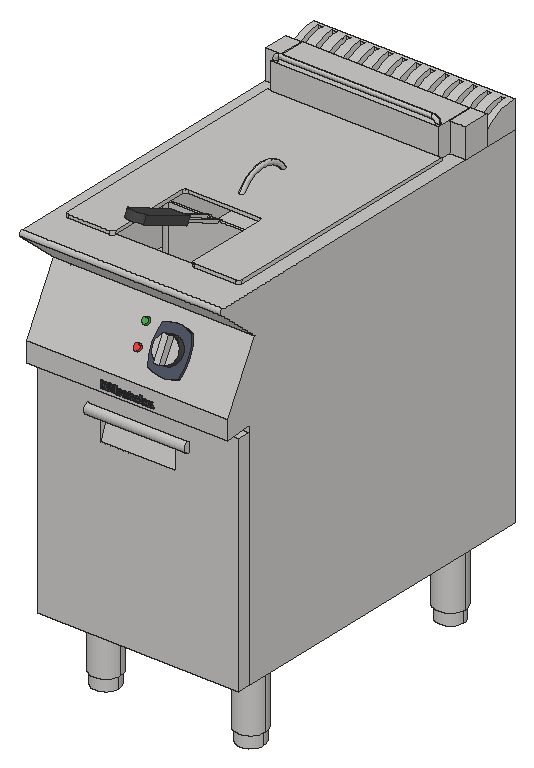
Revit family "QF_ELECTROLUXPROFESSIONAL_371084_E7FRED1FF0", category Specialty Equipment, Revit 2018
Family settings
  Round Connector Dimension = Use Diameter
  Part Type = Normal
  Work Plane-Based = No
  Always vertical = Yes
  Cut with Voids When Loaded = No
  Shared = No
  Room Calculation Point = No
Parameters
  Width = 400 mm  # constant formula
  Weight in Pounds = 77  # constant formula
  Watts = 8700 VA  # 8700 W
  Volts = 400 V  # constant formula
  URL Cutsheet = "www.electrolux.com/foodservice"
  URL = "www.electrolux.com/foodservice"
  Type Mark [instance] = ""
  Status [instance] = ""
  Specification by User [instance] = ""
  Specification by Manufacturer = ""
  Show Logo [instance] = yes
  Show Clearance [instance] = yes
  Serial Number = ""
  Seismic Rating = ""
  SMACNA No = ""
  Revision Code [instance] = ""
  Phase = 3  # constant formula
  Omniclass Number and Title = ""
  Number of Poles [instance] = 1
  NAFEM Spec ID Number = ""
  Model = "371084"
  Min Ckt Ampacity = 0 A
  Max Overcurrent Protection = 0 A
  Masterspec = ""
  Manufacturer = "ELECTROLUX"
  Item Number [instance] = ""
  Installed By [instance] = ""
  Identify Quantity as Lot [instance] = yes
  Height = 333 mm  # constant formula
  HP = "11.7 HP"
  Furnished By [instance] = ""
  Foodservice Equipment Identifier [instance] = yes
  FL Amps = if(Phase = 3, Watts / (Volts * 1.73), Watts / Volts)  # 12.5723 A
  Electrical Remarks [instance] = "400 V/3N ph/50/60 Hz"  # constant formula
  Electric Connection Type [instance] = ""
  Elec Conn RI Height [instance] = 0 mm
  Elec Conn Connection Height [instance] = 0 mm
  Direct Waste Size = 0"
  Description = "700XP One 14 Lt. Wells Freestanding Electric Fryer - 400V"
  Depth = 730 mm  # constant formula
  Cycle = if([60 Hertz Option], 60 Hz, 50 Hz)  # 60 Hz
  Conn Plug = ""
  Conn Conduit = yes
  CSI MasterFormat = ""
  CSI Master Format = ""
  Base Height [instance] = 150 mm  # constant formula
  Apparent Power = if(Phase = 3, Volts * FL Amps * 1.73, Volts * FL Amps)  # 8700 VA
  60 Hertz Option = not([50 Hertz Option])  # yes
  50 Hertz Option = no
Reference planes
  plane 1 "BACK": y = 0
  plane 2: z = 0
  plane 3 "LEFT": x = 0
  plane 4 "RIGHT": x = 400
  plane 5 "FRONT": y = -730
  plane 6 "TOP": z = 905.238
  plane 7 "Center Y": x = 200
  plane 8 "Center X": y = -365
  plane 9 "BASE": z = 601
  plane 10 "TOP A": z = 850.238
  plane 11: y = -587.387
  plane 12: y = -90
  plane 13: z = 150
  plane 14: z = 922.238
Forms (mm)
  Extrusion 1, solid, material "QF_Finishes_Stainless Steel"
    sketch origin (0, 0, 0) x (0, 1, 0) y (0, 0, 1)
      loop
        line (0, 850.237) -> (-725.027, 850.237)
        arc (-725.027, 850.237) -> (-730.893, 846.318) -> (-729.517, 839.397) r 6.35
        line (-729.517, 839.397) -> (-646.919, 767.047) -> (-713.522, 646.19) -> (-713.522, 608.09) -> (-660.15, 613.7) -> (-660.15, 150) -> (0, 150) -> (0, 850.237)
      loop
        line (-687.137, 601) -> (-687.137, 150) -> (-661.737, 150) -> (-661.737, 601) -> (-687.137, 601)
    from 0 to 400
  Extrusion 2, solid, material "QF_Finishes_Stainless Steel"
    sketch origin (0, 0, 0) x (0, 1, 0) y (0, 0, 1)
      loop
        line (0, 850.238) -> (0, 905.237)
        arc (0, 905.237) -> (-38.078, 897.879) -> (-69.85, 875.637) r 93.057
        line (-69.85, 875.637) -> (-69.85, 850.238) -> (0, 850.238)
    from 0 to 400
  Extrusion 3, void
    sketch origin (0, 0, 850.238) x (-1, 0, 0) y (0, -1, 0)
      loop
        line (-33.338, 90.124) -> (-33.338, 645.265) -> (-366.662, 645.265) -> (-366.662, 90.124) -> (-33.338, 90.124)
    from 0 to -152.4
  Extrusion 4, solid, material "QF_Finishes_Stainless Steel"
    sketch origin (0, 0, 850.238) x (-1, 0, 0) y (0, -1, 0)
      loop
        arc (-26.988, 645.265) -> (-28.847, 649.755) -> (-33.338, 651.615) r 6.35
        line (-33.338, 651.615) -> (-115.863, 651.615)
        arc (-115.863, 651.615) -> (-120.353, 649.755) -> (-122.213, 645.265) r 6.35
        line (-122.213, 645.265) -> (-122.213, 481.012)
        arc (-122.213, 481.012) -> (-124.072, 476.521) -> (-128.563, 474.662) r 6.35
        line (-128.563, 474.662) -> (-271.437, 474.662)
        arc (-271.437, 474.662) -> (-275.928, 476.521) -> (-277.787, 481.012) r 6.35
        line (-277.787, 481.012) -> (-277.787, 645.29)
        arc (-277.787, 645.29) -> (-279.64, 649.762) -> (-284.112, 651.615) r 6.325
        line (-284.112, 651.615) -> (-366.662, 651.615)
        arc (-366.662, 651.615) -> (-371.153, 649.755) -> (-373.013, 645.265) r 6.35
        line (-373.013, 645.265) -> (-373.013, 147.762) -> (-26.988, 147.762) -> (-26.988, 645.265)
    from 0 to 6.35
  Sweep 5, solid, material "QF_Finishes_Stainless Steel"
    path origin (200, 0, 0) x (0, 1, 0) y (0, 0, 1)
      loop
        arc (-323.261, 850.238) -> (-377.7, 884.016) -> (-432.139, 850.238) r 60.757
    profile origin (200, -377.7, 884.016) x (0, 0, -1) y (1, 0, 0)
      loop
        circle (0, 0) r 4.353
  Sweep 6, solid, material "QF_Finishes_Stainless Steel"
    path origin (0, 0, 0) x (1, 0, 0) y (0, 0, 1)
      loop
        line (39.688, 908.975) -> (39.688, 911.588)
        arc (39.688, 911.588) -> (41.547, 916.078) -> (46.038, 917.938) r 6.35
        line (46.038, 917.938) -> (352.225, 917.938)
        arc (352.225, 917.938) -> (356.715, 916.078) -> (358.575, 911.588) r 6.35
        line (358.575, 911.588) -> (358.575, 908.975)
    profile origin (39.688, 0, 910.281) x (-1, 0, 0) y (0, -1, 0)
      loop
        circle (2.09, 142.004) r 3.827
  Extrusion 7, void
    sketch origin (0, 0, 850.238) x (-1, 0, 0) y (0, -1, 0)
      loop
        line (-13.453, 6.761) -> (-13.453, 63.911) -> (-22.749, 63.911) -> (-22.749, 6.761) -> (-13.453, 6.761)
    from 25.4 to 63.5
  Extrusion 8, void
    sketch origin (400.05, 0, 850.237) x (1, 0, 0) y (0, 1, 0)
      loop
        line (-13.503, -6.761) -> (-22.799, -6.761) -> (-22.799, -63.911) -> (-13.503, -63.911) -> (-13.503, -6.761)
    from 25.4 to 63.5
  Extrusion 9, void
    sketch origin (27.988, 0, 850.238) x (-1, 0, 0) y (0, -1, 0)
      loop
        line (-13.453, 6.761) -> (-13.453, 63.911) -> (-22.749, 63.911) -> (-22.749, 6.761) -> (-13.453, 6.761)
    from 25.4 to 63.5
  Extrusion 10, void
    sketch origin (55.977, 0, 850.238) x (-1, 0, 0) y (0, -1, 0)
      loop
        line (-13.453, 6.761) -> (-13.453, 63.911) -> (-22.749, 63.911) -> (-22.749, 6.761) -> (-13.453, 6.761)
    from 25.4 to 63.5
  Extrusion 11, void
    sketch origin (83.965, 0, 850.238) x (-1, 0, 0) y (0, -1, 0)
      loop
        line (-13.428, 6.761) -> (-13.428, 63.911) -> (-22.724, 63.911) -> (-22.724, 6.761) -> (-13.428, 6.761)
    from 25.4 to 63.5
  Extrusion 12, void
    sketch origin (111.953, 0, 850.237) x (-1, 0, 0) y (0, -1, 0)
      loop
        line (-13.428, 6.761) -> (-13.428, 63.911) -> (-22.724, 63.911) -> (-22.724, 6.761) -> (-13.428, 6.761)
    from 25.4 to 63.5
  Extrusion 13, void
    sketch origin (139.942, 0, 850.237) x (-1, 0, 0) y (0, -1, 0)
      loop
        line (-13.428, 6.761) -> (-13.428, 63.911) -> (-22.724, 63.911) -> (-22.724, 6.761) -> (-13.428, 6.761)
    from 25.4 to 63.5
  Extrusion 14, void
    sketch origin (167.93, 0, 850.237) x (-1, 0, 0) y (0, -1, 0)
      loop
        line (-13.428, 6.761) -> (-13.428, 63.911) -> (-22.724, 63.911) -> (-22.724, 6.761) -> (-13.428, 6.761)
    from 25.4 to 63.5
  Extrusion 15, void
    sketch origin (195.918, 0, 850.237) x (-1, 0, 0) y (0, -1, 0)
      loop
        line (-13.428, 6.761) -> (-13.428, 63.911) -> (-22.724, 63.911) -> (-22.724, 6.761) -> (-13.428, 6.761)
    from 25.4 to 63.5
  Extrusion 16, void
    sketch origin (223.907, 0, 850.237) x (-1, 0, 0) y (0, -1, 0)
      loop
        line (-13.428, 6.761) -> (-13.428, 63.911) -> (-22.724, 63.911) -> (-22.724, 6.761) -> (-13.428, 6.761)
    from 25.4 to 63.5
  Extrusion 17, void
    sketch origin (251.895, 0, 850.237) x (-1, 0, 0) y (0, -1, 0)
      loop
        line (-13.428, 6.761) -> (-13.428, 63.911) -> (-22.724, 63.911) -> (-22.724, 6.761) -> (-13.428, 6.761)
    from 25.4 to 63.5
  Extrusion 18, void
    sketch origin (279.884, 0, 850.237) x (-1, 0, 0) y (0, -1, 0)
      loop
        line (-13.403, 6.761) -> (-13.403, 63.911) -> (-22.699, 63.911) -> (-22.699, 6.761) -> (-13.403, 6.761)
    from 25.4 to 63.5
  Extrusion 19, void
    sketch origin (307.872, 0, 850.237) x (-1, 0, 0) y (0, -1, 0)
      loop
        line (-13.403, 6.761) -> (-13.403, 63.911) -> (-22.699, 63.911) -> (-22.699, 6.761) -> (-13.403, 6.761)
    from 25.4 to 63.5
  Extrusion 20, void
    sketch origin (335.86, 0, 850.237) x (-1, 0, 0) y (0, -1, 0)
      loop
        line (-13.403, 6.761) -> (-13.403, 63.911) -> (-22.699, 63.911) -> (-22.699, 6.761) -> (-13.403, 6.761)
    from 25.4 to 63.5
  Extrusion 21, solid, material "QF_Finishes_Navy Blue"
    sketch origin (99.675, -713.522, 646.19) x (0, 0.482654, 0.875811) y (-1, 0, 0)
      loop
        arc (105.826, -132.614) -> (68.798, -123.683) -> (31.333, -130.552) r 91.794
        arc (31.333, -130.552) -> (24.218, -161.14) -> (31.333, -191.729) r 69.309
        arc (31.333, -191.729) -> (68.788, -198.45) -> (105.826, -189.715) r 93.659
        arc (105.826, -189.715) -> (112.066, -161.165) -> (105.826, -132.614) r 68.434
    from 0 to 3.175
  Extrusion 22, solid, material "QF_Finishes_Stainless Steel"
    sketch origin (99.675, -716.303, 647.723) x (0, 0.482654, 0.875811) y (-1, 0, 0)
      loop
        circle (68.826, -160.963) r 25.4
    from 0 to 12.7
  Extrusion 23, solid, material "QF_Finishes_Stainless Steel"
    sketch origin (99.675, -727.425, 653.853) x (0, 0.482654, 0.875811) y (-1, 0, 0)
      loop
        arc (93.558, -166.749) -> (94.226, -160.963) -> (93.558, -155.177) r 25.4
        line (93.558, -155.177) -> (44.094, -155.177)
        arc (44.094, -155.177) -> (43.426, -160.963) -> (44.094, -166.749) r 25.4
        line (44.094, -166.749) -> (93.558, -166.749)
    from 0 to 12.7
  Extrusion 24, solid, material "QF_Finishes_Green"
    sketch origin (39.327, -713.522, 646.19) x (0, 0.482654, 0.875811) y (-1, 0, 0)
      loop
        circle (98.315, -160.648) r 6.35
    from 0 to 3.175
  Extrusion 25, solid, material "QF_Finishes_Red"
    sketch origin (39.327, -720.158, 634.148) x (0, 0.482654, 0.875811) y (-1, 0, 0)
      loop
        circle (68.272, -160.648) r 6.35
    from 0 to 3.175
  Extrusion 26, solid, material "QF_Finishes_Clearance", visible <- "Show Clearance", detail levels coarse
    sketch origin (0, 0, 0) x (1, 0, 0) y (0, 1, 0)
      loop
        line (0, -731.377) -> (0, 0) -> (400, 0) -> (400, -731.377) -> (550.019, -731.377) -> (550.019, 150.019) -> (-150.019, 150.019) -> (-150.019, -731.377) -> (0, -731.377)
    from 0 to 905.237
  Extrusion 27, solid, material "QF_Finishes_Black"
    sketch origin (265.962, -698.333, 942.26) x (0, 0.906308, -0.422618) y (-1, 0, 0)
      loop
        line (10.103, 47.345) -> (128.716, 47.345) -> (128.716, 84.58) -> (10.103, 84.58)
        arc (10.103, 84.58) -> (-0.124, 65.962) -> (10.103, 47.345) r 22.059
    from -15.884 to 0
  Extrusion 28, solid, material "QF_Finishes_Stainless Steel"
    sketch origin (265.962, 41.275, 0) x (0, 1, 0) y (0, 0, 1)
      loop
        line (-537.413, 741.238) -> (-537.413, 842.715) -> (-624.966, 883.542) -> (-627.65, 877.787) -> (-543.763, 838.67) -> (-543.763, 741.238) -> (-537.413, 741.238)
    from -80.476 to -74.619
  Extrusion 29, solid, material "QF_Finishes_Stainless Steel"
    sketch origin (134.088, 41.275, 0) x (0, 1, 0) y (0, 0, -1)
      loop
        line (-543.763, -838.67) -> (-627.65, -877.787) -> (-624.966, -883.542) -> (-537.413, -842.715) -> (-537.413, -741.238) -> (-543.763, -741.238) -> (-543.763, -838.67)
    from -80.476 to -74.619
  Extrusion 30, solid, material "QF_Finishes_Mesh"
    sketch origin (0, 0, 850.238) x (-1, 0, 0) y (0, -1, 0)
      loop
        arc (-116.6, 131.498) -> (-98.64, 138.937) -> (-91.2, 156.898) r 25.4
        line (-91.2, 156.898) -> (-91.2, 481.11)
        arc (-91.2, 481.11) -> (-98.64, 499.071) -> (-116.6, 506.51) r 25.4
        line (-116.6, 506.51) -> (-294.375, 506.51)
        arc (-294.375, 506.51) -> (-312.336, 499.071) -> (-319.775, 481.11) r 25.4
        line (-319.775, 481.11) -> (-319.775, 156.898)
        arc (-319.775, 156.898) -> (-312.336, 138.937) -> (-294.375, 131.498) r 25.4
        line (-294.375, 131.498) -> (-116.6, 131.498)
      loop
        arc (-116.6, 134.673) -> (-100.885, 141.182) -> (-94.375, 156.898) r 22.225
        line (-94.375, 156.898) -> (-94.375, 481.11)
        arc (-94.375, 481.11) -> (-100.885, 496.826) -> (-116.6, 503.335) r 22.225
        line (-116.6, 503.335) -> (-294.375, 503.335)
        arc (-294.375, 503.335) -> (-310.091, 496.826) -> (-316.6, 481.11) r 22.225
        line (-316.6, 481.11) -> (-316.6, 156.898)
        arc (-316.6, 156.898) -> (-310.091, 141.182) -> (-294.375, 134.673) r 22.225
        line (-294.375, 134.673) -> (-116.6, 134.673)
    from -109 to -5.315
  Revolve 31, solid, material "QF_Finishes_Stainless Steel"
    sketch origin (0, -587.387, 608.09) x (0, 0, 1) y (-1, 0, 0)
      loop
        line (-608.09, -56) -> (-458.09, -56) -> (-458.09, -26) -> (-583.09, -26) -> (-583.09, -29.75) -> (-608.09, -29.75) -> (-608.09, -56)
      axis (-608.09, -56) -> (-458.09, -56)
    angle from 0 to 360
  Revolve 32, solid, material "QF_Finishes_Stainless Steel"
    sketch origin (400.05, -587.387, 608.09) x (0, 0, 1) y (-1, 0, 0)
      loop
        line (-608.09, 56.05) -> (-608.09, 29.8) -> (-583.09, 29.8) -> (-583.09, 26.05) -> (-458.09, 26.05) -> (-458.09, 56.05) -> (-608.09, 56.05)
      axis (-608.09, 56.05) -> (-458.09, 56.05)
    angle from 0 to 360
  Revolve 33, solid, material "QF_Finishes_Stainless Steel"
    sketch origin (0, -90, 608.09) x (0, 0, 1) y (-1, 0, 0)
      loop
        line (-608.09, -56) -> (-458.09, -56) -> (-458.09, -26) -> (-583.09, -26) -> (-583.09, -29.75) -> (-608.09, -29.75) -> (-608.09, -56)
      axis (-608.09, -56) -> (-458.09, -56)
    angle from 0 to 360
  Revolve 34, solid, material "QF_Finishes_Stainless Steel"
    sketch origin (400.05, -90, 608.09) x (0, 0, 1) y (-1, 0, 0)
      loop
        line (-608.09, 56.05) -> (-608.09, 29.8) -> (-583.09, 29.8) -> (-583.09, 26.05) -> (-458.09, 26.05) -> (-458.09, 56.05) -> (-608.09, 56.05)
      axis (-608.09, 56.05) -> (-458.09, 56.05)
    angle from 0 to 360
  Extrusion 35, void
    sketch origin (200, 0, 0) x (0, 1, 0) y (0, 0, 1)
      loop
        line (-687.137, 541) -> (-687.137, 499.788) -> (-672.137, 541) -> (-687.137, 541)
    from -75 to 75
  Extrusion 36, solid, material "QF_Finishes_Stainless Steel"
    sketch origin (200, 0, 0) x (0, 1, 0) y (0, 0, 1)
      loop
        line (-687.137, 541) -> (-687.137, 561)
        arc (-687.137, 561) -> (-697.137, 551) -> (-687.137, 541) r 10
    from -100 to 100
  Extrusion 37, solid, material "QF_Finishes_Door Clearance", visible <- "Show Clearance", detail levels coarse
    sketch origin (0, 0, 850.238) x (-1, 0, 0) y (0, -1, 0)
      loop
        arc (0, 687.137) -> (-117.157, 969.98) -> (-400, 1087.137) r 400
        line (-400, 1087.137) -> (-400, 687.137) -> (0, 687.137)
    from -700.237 to -249.237
  Extrusion 38, solid, material "QF_Finishes_Stainless Steel"
    sketch origin (-77.88, -4572, 601) x (-1, 0, 0) y (0, -1, 0)
      loop
        circle (-425.88, -4067) r 12.7
    from 0 to -12.7
  Extrusion 39, solid, material "QF_Finishes_Stainless Steel"
    sketch origin (-77.88, -4572, 850.238) x (-1, 0, 0) y (0, -1, 0)
      loop
        line (-77.88, -4502.15) -> (-77.88, -4451.35) -> (-109.63, -4451.35) -> (-109.63, -4502.15) -> (-77.88, -4502.15)
      loop
        line (-477.88, -4502.15) -> (-446.13, -4502.15) -> (-446.13, -4451.35) -> (-477.88, -4451.35) -> (-477.88, -4502.15)
    from 0 to 58.738
  Extrusion 40, solid, material "QF_Finishes_Stainless Steel"
    sketch origin (-77.88, -4572, 850.238) x (-1, 0, 0) y (0, -1, 0)
      loop
        line (-111.217, -4424.238) -> (-444.542, -4424.238) -> (-444.542, -4502.15) -> (-111.217, -4502.15) -> (-111.217, -4424.238)
    from 0 to 58.738
  Extrusion 41, solid, material "QF_Finishes_Navy Blue", visible <- "Show Logo"
    sketch origin (-140, -713.772, 608.09) x (0, 0, 1) y (-1, 0, 0)
      loop
        line (20.674, -296.698) -> (8.307, -296.698)
        arc (8.307, -296.698) -> (14.491, -301.27) -> (20.674, -296.698) r 6.467
      loop
        arc (20.674, -296.069) -> (19.505, -290.926) -> (14.849, -288.448) r 6.338
        line (14.849, -288.448) -> (14.849, -290.494)
        arc (14.849, -290.494) -> (16.333, -294.149) -> (19.778, -296.069) r 5.941
        line (19.778, -296.069) -> (20.674, -296.069)
      loop
        arc (9.203, -296.069) -> (12.648, -294.149) -> (14.132, -290.494) r 5.941
        line (14.132, -290.494) -> (14.132, -288.448)
        arc (14.132, -288.448) -> (9.438, -290.922) -> (8.148, -296.069) r 6.504
        line (8.148, -296.069) -> (9.203, -296.069)
      loop
        line (21.349, -287.979) -> (7.604, -287.979) -> (7.604, -301.742) -> (21.349, -301.742) -> (21.349, -287.979)
      loop
        arc (21.432, -304.71) -> (21.085, -304.352) -> (20.718, -304.69) r 0.358
        arc (20.718, -304.69) -> (20.404, -305.44) -> (19.687, -305.825) r 1.216
        line (19.687, -305.825) -> (9.274, -305.825)
        arc (9.274, -305.825) -> (8.614, -305.548) -> (8.218, -304.951) r 1.238
        arc (8.218, -304.951) -> (7.823, -304.7) -> (7.518, -305.054) r 0.358
        line (7.518, -305.054) -> (7.518, -314.933) -> (10.269, -314.933) -> (10.269, -314.036)
        arc (10.269, -314.036) -> (9.36, -313.456) -> (8.904, -312.479) r 1.928
        line (8.904, -312.479) -> (8.904, -309.98)
        arc (8.904, -309.98) -> (9.18, -309.251) -> (9.868, -308.887) r 1.101
        line (9.868, -308.887) -> (13.955, -308.887) -> (13.955, -312.561)
        arc (13.955, -312.561) -> (13.602, -313.058) -> (13.037, -313.286) r 1.083
        arc (13.037, -313.286) -> (12.773, -313.591) -> (13.065, -313.869) r 0.292
        line (13.065, -313.869) -> (16.028, -313.869)
        arc (16.028, -313.869) -> (16.33, -313.596) -> (16.092, -313.266) r 0.305
        arc (16.092, -313.266) -> (15.601, -313.018) -> (15.296, -312.561) r 1.083
        line (15.296, -312.561) -> (15.296, -308.887) -> (19.973, -308.887) -> (19.973, -312.635)
        arc (19.973, -312.635) -> (19.759, -313.39) -> (19.153, -313.888) r 1.314
        arc (19.153, -313.888) -> (18.934, -314.292) -> (19.288, -314.585) r 0.361
        line (19.288, -314.585) -> (21.432, -314.585) -> (21.432, -304.71)
      loop
        arc (20.715, -315.365) -> (20.335, -316.284) -> (19.416, -316.664) r 1.299
        line (19.416, -316.664) -> (9.837, -316.664)
        arc (9.837, -316.664) -> (8.999, -316.286) -> (8.728, -315.408) r 1.118
        line (8.728, -315.408) -> (7.518, -315.408) -> (7.518, -320.758) -> (8.706, -320.758)
        arc (8.706, -320.758) -> (8.978, -319.841) -> (9.848, -319.445) r 1.153
        line (9.848, -319.445) -> (21.92, -319.445) -> (20.715, -315.365)
      loop
        line (12.483, -323.394) -> (12.483, -329.842) -> (13.282, -329.842)
        arc (13.282, -329.842) -> (15.862, -328.857) -> (17.131, -326.404) r 3.874
        line (17.131, -326.404) -> (17.131, -324.643)
        arc (17.131, -324.643) -> (15.944, -321.778) -> (13.08, -320.592) r 4.051
        line (13.08, -320.592) -> (11.072, -320.592)
        arc (11.072, -320.592) -> (8.253, -322.077) -> (7.202, -325.084) r 4.352
        arc (7.202, -325.084) -> (7.566, -327.547) -> (8.943, -329.621) r 5.713
        line (8.943, -329.621) -> (9.892, -329.621)
        arc (9.892, -329.621) -> (9.16, -328.052) -> (8.943, -326.334) r 5.579
        arc (8.943, -326.334) -> (9.737, -324.371) -> (11.616, -323.394) r 3.057
        line (11.616, -323.394) -> (12.483, -323.394)
      loop
        line (13.742, -323.394) -> (13.742, -326.977)
        arc (13.742, -326.977) -> (15.199, -327.024) -> (16.082, -325.864) r 1.59
        line (16.082, -325.864) -> (16.082, -325.034)
        arc (16.082, -325.034) -> (15.217, -323.779) -> (13.742, -323.394) r 2.184
      loop
        arc (16.533, -339.259) -> (17.022, -337.585) -> (17.179, -335.848) r 9.023
        line (17.179, -335.848) -> (17.179, -334.486)
        arc (17.179, -334.486) -> (16.02, -331.686) -> (13.22, -330.527) r 3.959
        line (13.22, -330.527) -> (10.62, -330.527)
        arc (10.62, -330.527) -> (8.338, -331.819) -> (7.221, -334.192) r 4.331
        line (7.221, -334.192) -> (7.221, -336.327)
        arc (7.221, -336.327) -> (7.729, -337.877) -> (8.651, -339.223) r 5.772
        arc (8.651, -339.223) -> (9.412, -339.274) -> (9.499, -338.515) r 0.553
        arc (9.499, -338.515) -> (9.111, -337.781) -> (8.977, -336.962) r 2.573
        line (8.977, -336.962) -> (8.977, -335.447)
        arc (8.977, -335.447) -> (9.983, -333.806) -> (11.798, -333.163) r 2.884
        line (11.798, -333.163) -> (13.077, -333.163)
        arc (13.077, -333.163) -> (14.898, -333.723) -> (15.824, -335.388) r 2.554
        line (15.824, -335.388) -> (15.824, -336.441)
        arc (15.824, -336.441) -> (15.493, -337.369) -> (14.836, -338.104) r 2.564
        arc (14.836, -338.104) -> (14.614, -338.821) -> (15.223, -339.259) r 0.643
        line (15.223, -339.259) -> (16.533, -339.259)
      loop
        line (15.515, -339.53) -> (15.515, -341.031) -> (9.467, -341.031)
        arc (9.467, -341.031) -> (7.879, -341.688) -> (7.221, -343.276) r 2.246
        line (7.221, -343.276) -> (7.221, -344.86)
        arc (7.221, -344.86) -> (7.535, -345.725) -> (8.035, -346.496) r 4.06
        arc (8.035, -346.496) -> (8.768, -346.629) -> (9.019, -345.928) r 0.576
        arc (9.019, -345.928) -> (8.913, -345.403) -> (8.977, -344.87) r 1.69
        arc (8.977, -344.87) -> (9.519, -344.082) -> (10.425, -343.779) r 1.506
        line (10.425, -343.779) -> (15.563, -343.779) -> (15.563, -346.176) -> (16.119, -346.733) -> (16.941, -346.733) -> (16.941, -343.873) -> (20.172, -343.873) -> (15.515, -339.53)
      loop
        line (7.438, -347.63) -> (7.438, -353.017) -> (8.548, -353.017)
        arc (8.548, -353.017) -> (8.942, -352.066) -> (9.893, -351.672) r 1.345
        line (9.893, -351.672) -> (13.509, -351.672)
        arc (13.509, -351.672) -> (14.274, -352.264) -> (14.564, -353.186) r 1.615
        line (14.564, -353.186) -> (14.564, -354.742) -> (17.119, -355.427) -> (17.119, -354.044) -> (15.177, -351.485) -> (17.057, -351.485) -> (16.773, -348.779)
        arc (16.773, -348.779) -> (16.333, -348.249) -> (15.674, -348.45) r 0.621
        arc (15.674, -348.45) -> (15.274, -348.792) -> (14.78, -348.975) r 1.501
        line (14.78, -348.975) -> (9.893, -348.975)
        arc (9.893, -348.975) -> (8.942, -348.581) -> (8.548, -347.63) r 1.345
        line (8.548, -347.63) -> (7.438, -347.63)
      loop
        line (13.54, -354.964) -> (10.848, -354.964)
        arc (10.848, -354.964) -> (8.403, -356.272) -> (7.269, -358.803) r 4.288
        arc (7.269, -358.803) -> (7.205, -360.183) -> (7.269, -361.563) r 15.022
        arc (7.269, -361.563) -> (8.403, -364.094) -> (10.848, -365.401) r 4.288
        line (10.848, -365.401) -> (13.54, -365.401)
        arc (13.54, -365.401) -> (15.986, -364.094) -> (17.119, -361.563) r 4.288
        arc (17.119, -361.563) -> (17.183, -360.183) -> (17.119, -358.803) r 15.022
        arc (17.119, -358.803) -> (15.986, -356.272) -> (13.54, -354.964) r 4.288
      loop
        line (13.745, -358.078) -> (10.643, -358.078)
        arc (10.643, -358.078) -> (8.486, -360.235) -> (10.643, -362.392) r 2.157
        line (10.643, -362.392) -> (13.745, -362.392)
        arc (13.745, -362.392) -> (15.902, -360.235) -> (13.745, -358.078) r 2.157
      loop
        arc (20.726, -365.26) -> (20.355, -366.154) -> (19.461, -366.524) r 1.264
        line (19.461, -366.524) -> (9.597, -366.524)
        arc (9.597, -366.524) -> (8.727, -366.127) -> (8.455, -365.211) r 1.153
        line (8.455, -365.211) -> (7.518, -365.211) -> (7.518, -370.319) -> (8.446, -370.319)
        arc (8.446, -370.319) -> (8.805, -369.547) -> (9.597, -369.232) r 1.153
        line (9.597, -369.232) -> (21.92, -369.232) -> (20.726, -365.26)
      loop
        arc (15.846, -369.857) -> (15.647, -370.921) -> (14.678, -371.403) r 1.215
        line (14.678, -371.403) -> (9.658, -371.403)
        arc (9.658, -371.403) -> (8.043, -372.051) -> (7.322, -373.634) r 2.338
        line (7.322, -373.634) -> (7.322, -375.148)
        arc (7.322, -375.148) -> (7.497, -376.152) -> (7.999, -377.038) r 2.979
        line (7.999, -377.038) -> (7.518, -378.835) -> (7.518, -380.524) -> (16.943, -380.524) -> (16.649, -376.32) -> (15.863, -376.32)
        arc (15.863, -376.32) -> (15.507, -377.156) -> (14.755, -377.665) r 1.605
        line (14.755, -377.665) -> (9.652, -377.665)
        arc (9.652, -377.665) -> (9.232, -376.728) -> (9.159, -375.704) r 2.94
        arc (9.159, -375.704) -> (9.72, -374.603) -> (10.873, -374.16) r 1.724
        line (10.873, -374.16) -> (17.07, -374.16) -> (15.846, -369.857)
      loop
        line (16.874, -381.377) -> (15.202, -383.423) -> (12.028, -385.729) -> (8.572, -382.617)
        arc (8.572, -382.617) -> (8.335, -382.223) -> (8.357, -381.764) r 0.789
        line (8.357, -381.764) -> (7.518, -381.764) -> (7.518, -385.309) -> (8.344, -385.309)
        arc (8.344, -385.309) -> (8.686, -384.947) -> (9.176, -385.039) r 0.52
        line (9.176, -385.039) -> (10.976, -386.51) -> (8.858, -387.886)
        arc (8.858, -387.886) -> (8.457, -387.576) -> (8.37, -387.076) r 0.7
        line (8.37, -387.076) -> (7.518, -387.076) -> (7.518, -393.003) -> (8.405, -393.003)
        arc (8.405, -393.003) -> (8.472, -392.344) -> (8.866, -391.813) r 1.247
        line (8.866, -391.813) -> (13.066, -388.532) -> (15.513, -390.585) -> (16.874, -392.327) -> (16.874, -388.604) -> (15.389, -389.026) -> (13.868, -387.749) -> (15.568, -386.559) -> (16.874, -387.336) -> (16.874, -381.377)
    from 0 to 1.644
Cuts and joins
  Extrusion 3, Extrusion 7, Extrusion 35 cuts Extrusion 1
  joined: Extrusion 4, Sweep 5
  Extrusion 7, Extrusion 8, Extrusion 9, Extrusion 10, Extrusion 11, Extrusion 12, Extrusion 13, Extrusion 14, Extrusion 15, Extrusion 16, Extrusion 17, Extrusion 18, Extrusion 19, Extrusion 20 cuts Extrusion 2
  joined: Extrusion 22, Extrusion 23
  Extrusion 35 cuts Extrusion 26
Lines and regions (mm)
  symbolic lines, style "QF-Clearances", visible <- "Show Clearance", detail levels coarse
    curve 1: line (-150.019, 150.019, 850.238) -> (-150.019, -731.377, 850.238)
    curve 2: line (550.019, 150.019, 850.237) -> (-150.019, 150.019, 850.238)
    curve 3: line (550.019, -731.377, 850.237) -> (550.019, 150.019, 850.237)
  symbolic lines
    curve 4: line (0, 0, 850.238) -> (400, 0, 850.237)
    curve 5: line (0, -730, 850.238) -> (0, 0, 850.238)
    curve 6: line (400, 0, 850.237) -> (400, -730, 850.237)
    curve 7: line (22.724, -6.761, 850.238) -> (22.724, -63.911, 850.238)
    curve 8: line (22.724, -63.911, 850.238) -> (13.428, -63.911, 850.238)
    curve 9: line (13.428, -63.911, 850.238) -> (13.428, -6.761, 850.238)
    curve 10: line (13.428, -6.761, 850.238) -> (22.724, -6.761, 850.238)
    curve 11: line (386.547, -6.761, 850.237) -> (386.547, -63.911, 850.237)
    curve 12: line (386.547, -63.911, 850.237) -> (377.251, -63.911, 850.237)
    curve 13: line (377.251, -63.911, 850.237) -> (377.251, -6.761, 850.237)
    curve 14: line (377.251, -6.761, 850.237) -> (386.547, -6.761, 850.237)
    curve 15: line (50.712, -6.761, 850.238) -> (50.712, -63.911, 850.238)
    curve 16: line (50.712, -63.911, 850.238) -> (41.416, -63.911, 850.238)
    curve 17: line (41.416, -63.911, 850.238) -> (41.416, -6.761, 850.238)
    curve 18: line (41.416, -6.761, 850.238) -> (50.712, -6.761, 850.238)
    curve 19: line (78.7, -6.761, 850.238) -> (78.7, -63.911, 850.238)
    curve 20: line (78.7, -63.911, 850.238) -> (69.405, -63.911, 850.238)
    curve 21: line (69.405, -63.911, 850.238) -> (69.405, -6.761, 850.238)
    curve 22: line (69.405, -6.761, 850.238) -> (78.7, -6.761, 850.238)
    curve 23: line (106.689, -6.761, 850.237) -> (106.689, -63.911, 850.237)
    curve 24: line (106.689, -63.911, 850.237) -> (97.393, -63.911, 850.238)
    curve 25: line (97.393, -63.911, 850.238) -> (97.393, -6.761, 850.238)
    curve 26: line (97.393, -6.761, 850.238) -> (106.689, -6.761, 850.237)
    curve 27: line (134.677, -6.761, 850.237) -> (134.677, -63.911, 850.237)
    curve 28: line (134.677, -63.911, 850.237) -> (125.381, -63.911, 850.237)
    curve 29: line (125.381, -63.911, 850.237) -> (125.381, -6.761, 850.237)
    curve 30: line (125.381, -6.761, 850.237) -> (134.677, -6.761, 850.237)
    curve 31: line (162.665, -6.761, 850.237) -> (162.665, -63.911, 850.237)
    curve 32: line (162.665, -63.911, 850.237) -> (153.37, -63.911, 850.237)
    curve 33: line (153.37, -63.911, 850.237) -> (153.37, -6.761, 850.237)
    curve 34: line (153.37, -6.761, 850.237) -> (162.665, -6.761, 850.237)
    curve 35: line (190.654, -6.761, 850.237) -> (190.654, -63.911, 850.237)
    curve 36: line (190.654, -63.911, 850.237) -> (181.358, -63.911, 850.237)
    curve 37: line (181.358, -63.911, 850.237) -> (181.358, -6.761, 850.237)
    curve 38: line (181.358, -6.761, 850.237) -> (190.654, -6.761, 850.237)
    curve 39: line (218.642, -6.761, 850.237) -> (218.642, -63.911, 850.237)
    curve 40: line (218.642, -63.911, 850.237) -> (209.346, -63.911, 850.237)
    curve 41: line (209.346, -63.911, 850.237) -> (209.346, -6.761, 850.237)
    curve 42: line (209.346, -6.761, 850.237) -> (218.642, -6.761, 850.237)
    curve 43: line (246.605, -6.761, 850.237) -> (246.605, -63.911, 850.237)
    curve 44: line (246.605, -63.911, 850.237) -> (237.31, -63.911, 850.237)
    curve 45: line (237.31, -63.911, 850.237) -> (237.31, -6.761, 850.237)
    curve 46: line (237.31, -6.761, 850.237) -> (246.605, -6.761, 850.237)
    curve 47: line (274.594, -6.761, 850.237) -> (274.594, -63.911, 850.237)
    curve 48: line (274.594, -63.911, 850.237) -> (265.298, -63.911, 850.237)
    curve 49: line (265.298, -63.911, 850.237) -> (265.298, -6.761, 850.237)
    curve 50: line (265.298, -6.761, 850.237) -> (274.594, -6.761, 850.237)
    curve 51: line (302.582, -6.761, 850.237) -> (302.582, -63.911, 850.237)
    curve 52: line (302.582, -63.911, 850.237) -> (293.286, -63.911, 850.237)
    curve 53: line (293.286, -63.911, 850.237) -> (293.286, -6.761, 850.237)
    curve 54: line (293.286, -6.761, 850.237) -> (302.582, -6.761, 850.237)
    curve 55: line (330.57, -6.761, 850.237) -> (330.57, -63.911, 850.237)
    curve 56: line (330.57, -63.911, 850.237) -> (321.275, -63.911, 850.237)
    curve 57: line (321.275, -63.911, 850.237) -> (321.275, -6.761, 850.237)
    curve 58: line (321.275, -6.761, 850.237) -> (330.57, -6.761, 850.237)
    curve 59: line (358.559, -6.761, 850.237) -> (358.559, -63.911, 850.237)
    curve 60: line (358.559, -63.911, 850.237) -> (349.263, -63.911, 850.237)
    curve 61: line (349.263, -63.911, 850.237) -> (349.263, -6.761, 850.237)
    curve 62: line (349.263, -6.761, 850.237) -> (358.559, -6.761, 850.237)
    curve 63: line (26.988, -147.762, 850.238) -> (26.988, -645.265, 850.238)
    curve 64: arc (26.988, -645.265, 850.238) -> (28.847, -649.755, 850.238) -> (33.338, -651.615, 850.238) r 6.35
    curve 65: line (33.338, -651.615, 850.238) -> (115.863, -651.615, 850.237)
    curve 66: arc (115.863, -651.615, 850.237) -> (120.353, -649.755, 850.237) -> (122.213, -645.265, 850.237) r 6.35
    curve 67: line (122.213, -645.265, 850.237) -> (122.213, -481.012, 850.237)
    curve 68: arc (122.213, -481.012, 850.237) -> (124.072, -476.521, 850.237) -> (128.563, -474.662, 850.237) r 6.35
    curve 69: line (128.563, -474.662, 850.237) -> (271.412, -474.662, 850.237)
    curve 70: arc (271.412, -474.662, 850.237) -> (275.903, -476.521, 850.237) -> (277.762, -481.012, 850.237) r 6.35
    curve 71: line (277.763, -481.012, 850.237) -> (277.763, -645.265, 850.237)
    curve 72: arc (277.763, -645.265, 850.237) -> (279.622, -649.755, 850.237) -> (284.113, -651.615, 850.237) r 6.35
    curve 73: line (284.113, -651.615, 850.237) -> (366.663, -651.615, 850.237)
    curve 74: arc (366.663, -651.615, 850.237) -> (371.153, -649.755, 850.237) -> (373.013, -645.265, 850.237) r 6.35
    curve 75: line (373.013, -645.265, 850.237) -> (373.013, -147.762, 850.237)
    curve 76: line (373.013, -147.762, 850.237) -> (26.988, -147.762, 850.238)
    curve 77: line (31.725, -69.85, 850.238) -> (0, -69.85, 850.238)
    curve 78: line (0, -69.85, 850.238) -> (0, -63.012, 850.238)
    curve 79: line (0, -69.85, 850.238) -> (400, -69.85, 850.237)
    curve 80: line (218.617, -695.889, 850.237) -> (218.617, -581.677, 850.237)
    curve 81: line (181.383, -581.677, 850.237) -> (181.383, -695.889, 850.237)
    curve 82: line (218.617, -581.677, 850.237) -> (181.383, -581.677, 850.237)
    curve 83: spline (218.617, -695.889, 850.237) -> (216.385, -698.551, 850.237) -> (213.694, -700.839, 850.237) -> (210.621, -702.688, 850.237) -> (207.25, -704.047, 850.237) -> (203.676, -704.878, 850.237) -> (200, -705.158, 850.237) -> (196.324, -704.878, 850.237) -> (192.75, -704.047, 850.237) -> (189.379, -702.688, 850.237) -> (186.306, -700.839, 850.237) -> (183.615, -698.551, 850.237) -> (181.383, -695.889, 850.237)
    curve 84: line (218.617, -645.265, 850.237) -> (277.763, -645.265, 850.237)
    curve 85: line (181.383, -645.265, 850.237) -> (122.213, -645.265, 850.237)
    curve 86: line (191.318, -506.51, 850.237) -> (191.318, -581.677, 850.237)
    curve 87: line (185.462, -581.677, 850.237) -> (185.462, -506.51, 850.237)
    curve 88: line (214.538, -506.51, 850.237) -> (214.538, -581.677, 850.237)
    curve 89: line (208.682, -581.677, 850.237) -> (208.682, -506.51, 850.237)
    curve 90: spline (181.383, -689.176, 850.237) -> (183.615, -691.839, 850.237) -> (186.306, -694.126, 850.237) -> (189.379, -695.976, 850.237) -> (192.75, -697.335, 850.237) -> (196.324, -698.166, 850.237) -> (200, -698.445, 850.237) -> (203.676, -698.166, 850.237) -> (207.25, -697.335, 850.237) -> (210.621, -695.976, 850.237) -> (213.694, -694.126, 850.237) -> (216.385, -691.839, 850.237) -> (218.617, -689.176, 850.237)
    curve 91: line (195.545, -428.432, 850.237) -> (195.545, -326.969, 850.237)
    curve 92: line (204.443, -326.969, 850.237) -> (204.443, -428.432, 850.237)
    curve 93: arc (195.545, -428.432, 850.237) -> (199.994, -432.882, 850.237) -> (204.443, -428.432, 850.237) r 4.449
    curve 94: arc (195.545, -326.969, 850.237) -> (199.994, -322.52, 850.237) -> (204.443, -326.969, 850.237) r 4.449
    curve 95: line (400, -730, 850.237) -> (0, -730, 850.238)
    curve 96: line (37.573, -138.039, 850.238) -> (362.402, -138.039, 850.237)
    curve 97: line (37.573, -145.694, 850.238) -> (37.573, -138.039, 850.238)
    curve 98: line (362.402, -145.694, 850.237) -> (37.573, -145.694, 850.238)
    curve 99: line (362.402, -138.039, 850.237) -> (362.402, -145.694, 850.237)
    curve 100: line (122.213, -506.51, 850.237) -> (277.763, -506.51, 850.237)
    curve 101: line (122.213, -503.335, 850.237) -> (277.763, -503.335, 850.237)
    curve 104: line (0, -120.65, 850.238) -> (31.725, -120.65, 850.238)
    curve 105: line (31.725, -120.65, 850.238) -> (31.725, -69.85, 850.238)
    curve 106: line (33.313, -69.85, 850.238) -> (33.313, -147.762, 850.238)
    curve 107: line (366.662, -147.762, 850.237) -> (366.662, -69.85, 850.237)
    curve 108: line (368.25, -69.85, 850.237) -> (368.25, -120.65, 850.237)
    curve 109: line (368.25, -120.65, 850.237) -> (400, -120.65, 850.237)
  symbolic lines, style "QF-Door Swings"
    curve 102: arc (2.303, -730, 850.238) -> (19.743, -811.254, 850.238) -> (53.597, -887.15, 850.238) r 400
    curve 103: line (53.597, -887.15, 850.238) -> (325.76, -730, 850.237)
Dimensions and locks
  equal spacing: plane 3 "LEFT", plane 7 "Center Y", plane 4 "RIGHT"
  "Width": plane 3 "LEFT" to plane 4 "RIGHT"
  equal spacing: plane 5 "FRONT", plane 8 "Center X", plane 1 "BACK"
  "Depth": plane 5 "FRONT" to plane 1 "BACK"
  plane 1 "BACK" to plane 5 "FRONT" = 730 mm
  locked: plane 10 "TOP A" to plane 9 "BASE" at 249.238
  plane 6 "TOP" to plane 10 "TOP A" = 55 mm
  "Base Height": plane 13 to level
  plane 10 "TOP A" to plane 13 = 700.237 mm
  plane 14 to plane 10 "TOP A" = 72 mm
  aligned and locked: level to plane 2
  aligned and locked: plane 4 "RIGHT" to Extrusion 1
  aligned and locked: plane 4 "RIGHT" to Extrusion 2
  aligned and locked: plane 6 "TOP" to Extrusion 26
  aligned and locked: plane 10 "TOP A" to Extrusion 2 sketch curve
Automatic sketch dimensions
  Extrusion 2 sketch curve to plane 1 "BACK" = 0 mm
  Extrusion 2 sketch curve to plane 6 "TOP" = 0 mm
  plane 1 "BACK" to Extrusion 2 sketch curve = 1.769 mm
  plane 10 "TOP A" to Extrusion 2 sketch curve = 25.4 mm
  plane 1 "BACK" to Extrusion 2 sketch curve = 69.85 mm
  plane 12 to Extrusion 3 sketch curve = 0.124 mm
  Extrusion 3 sketch curve to plane 4 "RIGHT" = 33.337 mm
  plane 3 "LEFT" to Extrusion 3 sketch curve = 33.338 mm
  plane 11 to Extrusion 3 sketch curve = 57.877 mm
  plane 12 to Extrusion 4 sketch curve = 57.762 mm
  Extrusion 4 sketch curve to plane 4 "RIGHT" = 26.987 mm
  Extrusion 4 sketch curve to Extrusion 4 sketch curve = 6.35 mm  (x3)
  Extrusion 4 sketch curve to Extrusion 4 sketch curve = 82.55 mm
  plane 7 "Center Y" to Extrusion 4 sketch curve = 77.787 mm
  Extrusion 4 sketch curve to plane 7 "Center Y" = 71.437 mm
  Extrusion 4 sketch curve to plane 7 "Center Y" = 77.787 mm
  plane 3 "LEFT" to Extrusion 4 sketch curve = 33.338 mm
  plane 3 "LEFT" to Extrusion 4 sketch curve = 26.988 mm
  Extrusion 4 sketch curve to plane 8 "Center X" = 109.662 mm
  plane 11 to Extrusion 4 sketch curve = 57.877 mm  (x2)
  Sweep 5 sketch curve to plane 10 "TOP A" = 0 mm  (x2)
  Sweep 5 sketch curve to plane 8 "Center X" = 67.139 mm
  Sweep 5 sketch curve to plane 8 "Center X" = 12.7 mm
  Sweep 5 sketch curve to plane 10 "TOP A" = 26.978 mm
  Sweep 5 sketch curve to plane 7 "Center Y" = 0 mm
  Sweep 5 sketch curve to profile plane = 0 mm
  plane 6 "TOP" to Sweep 6 sketch curve = 6.35 mm  (x2)
  plane 3 "LEFT" to Sweep 6 sketch curve = 39.688 mm
  Sweep 6 sketch curve to Sweep 6 sketch curve = 6.35 mm
  Sweep 6 sketch curve to plane 4 "RIGHT" = 47.775 mm
  plane 10 "TOP A" to Sweep 6 sketch curve = 58.738 mm  (x2)
  Sweep 6 sketch curve to profile plane = 2.09 mm
  plane 1 "BACK" to Sweep 6 sketch curve = 142.004 mm
  plane 1 "BACK" to Extrusion 7 sketch curve = 6.761 mm
  plane 3 "LEFT" to Extrusion 7 sketch curve = 22.749 mm
  Extrusion 7 sketch curve to Extrusion 7 sketch curve = 9.296 mm
  Extrusion 7 sketch curve to Extrusion 7 sketch curve = 57.15 mm
  Extrusion 8 sketch curve to plane 1 "BACK" = 6.761 mm
  plane 4 "RIGHT" to Extrusion 8 sketch curve = 22.749 mm
  Extrusion 8 sketch curve to Extrusion 8 sketch curve = 9.296 mm
  Extrusion 8 sketch curve to Extrusion 8 sketch curve = 57.15 mm
  plane 1 "BACK" to Extrusion 9 sketch curve = 6.761 mm
  plane 3 "LEFT" to Extrusion 9 sketch curve = 50.737 mm
  Extrusion 9 sketch curve to Extrusion 9 sketch curve = 9.296 mm
  Extrusion 9 sketch curve to Extrusion 9 sketch curve = 57.15 mm
  plane 1 "BACK" to Extrusion 10 sketch curve = 6.761 mm
  plane 3 "LEFT" to Extrusion 10 sketch curve = 78.725 mm
  Extrusion 10 sketch curve to Extrusion 10 sketch curve = 9.296 mm
  Extrusion 10 sketch curve to Extrusion 10 sketch curve = 57.15 mm
  plane 1 "BACK" to Extrusion 11 sketch curve = 6.761 mm
  Extrusion 11 sketch curve to plane 7 "Center Y" = 93.311 mm
  Extrusion 11 sketch curve to Extrusion 11 sketch curve = 9.296 mm
  Extrusion 11 sketch curve to Extrusion 11 sketch curve = 57.15 mm
  plane 1 "BACK" to Extrusion 12 sketch curve = 6.761 mm
  Extrusion 12 sketch curve to plane 7 "Center Y" = 65.323 mm
  Extrusion 12 sketch curve to Extrusion 12 sketch curve = 9.296 mm
  Extrusion 12 sketch curve to Extrusion 12 sketch curve = 57.15 mm
  plane 1 "BACK" to Extrusion 13 sketch curve = 6.761 mm
  Extrusion 13 sketch curve to plane 7 "Center Y" = 37.335 mm
  Extrusion 13 sketch curve to Extrusion 13 sketch curve = 9.296 mm
  Extrusion 13 sketch curve to Extrusion 13 sketch curve = 57.15 mm
  Extrusion 14 sketch curve to plane 7 "Center Y" = 9.346 mm
  Extrusion 14 sketch curve to Extrusion 14 sketch curve = 9.296 mm
  plane 1 "BACK" to Extrusion 14 sketch curve = 6.761 mm
  Extrusion 14 sketch curve to Extrusion 14 sketch curve = 57.15 mm
  plane 1 "BACK" to Extrusion 15 sketch curve = 6.761 mm
  plane 7 "Center Y" to Extrusion 15 sketch curve = 18.642 mm
  Extrusion 15 sketch curve to Extrusion 15 sketch curve = 9.296 mm
  Extrusion 15 sketch curve to Extrusion 15 sketch curve = 57.15 mm
  plane 1 "BACK" to Extrusion 16 sketch curve = 6.761 mm
  plane 7 "Center Y" to Extrusion 16 sketch curve = 46.63 mm
  Extrusion 16 sketch curve to Extrusion 16 sketch curve = 9.296 mm
  Extrusion 16 sketch curve to Extrusion 16 sketch curve = 57.15 mm
  plane 1 "BACK" to Extrusion 17 sketch curve = 6.761 mm
  plane 7 "Center Y" to Extrusion 17 sketch curve = 74.619 mm
  Extrusion 17 sketch curve to Extrusion 17 sketch curve = 9.296 mm
  Extrusion 17 sketch curve to Extrusion 17 sketch curve = 57.15 mm
  plane 1 "BACK" to Extrusion 18 sketch curve = 6.761 mm
  Extrusion 18 sketch curve to plane 4 "RIGHT" = 97.418 mm
  Extrusion 18 sketch curve to Extrusion 18 sketch curve = 9.296 mm
  Extrusion 18 sketch curve to Extrusion 18 sketch curve = 57.15 mm
  plane 1 "BACK" to Extrusion 19 sketch curve = 6.761 mm
  Extrusion 19 sketch curve to plane 4 "RIGHT" = 69.43 mm
  Extrusion 19 sketch curve to Extrusion 19 sketch curve = 9.296 mm
  Extrusion 19 sketch curve to Extrusion 19 sketch curve = 57.15 mm
  plane 1 "BACK" to Extrusion 20 sketch curve = 6.761 mm
  Extrusion 20 sketch curve to plane 4 "RIGHT" = 41.441 mm
  Extrusion 20 sketch curve to Extrusion 20 sketch curve = 9.296 mm
  Extrusion 20 sketch curve to Extrusion 20 sketch curve = 57.15 mm
  Extrusion 21 sketch curve to Extrusion 1 = 31.333 mm  (x2)
  Extrusion 21 sketch curve to Extrusion 21 sketch curve = 12.3 mm  (x3)
  Extrusion 21 sketch curve to Extrusion 21 sketch curve = 34.925 mm  (x2)
  Extrusion 1 to Extrusion 21 sketch curve = 44.467 mm
  Extrusion 1 to Extrusion 21 sketch curve = 84.883 mm
  Extrusion 21 sketch curve to Extrusion 21 sketch curve = 25.727 mm  (x2)
  Extrusion 21 sketch curve to Extrusion 21 sketch curve = 28.575 mm
  Extrusion 23 sketch curve to Extrusion 23 sketch curve = 24.732 mm
  Extrusion 23 sketch curve to Extrusion 23 sketch curve = 0 mm
  Extrusion 1 to Extrusion 24 sketch curve = 39.678 mm
  Extrusion 1 to Extrusion 24 sketch curve = 200.025 mm
  Extrusion 25 sketch curve to Extrusion 1 = 54.522 mm
  Extrusion 1 to Extrusion 25 sketch curve = 200.025 mm
  plane 1 "BACK" to Extrusion 26 sketch curve = 0 mm
  Extrusion 26 sketch curve to plane 3 "LEFT" = 0 mm
  Extrusion 26 sketch curve to plane 4 "RIGHT" = 0 mm
  Extrusion 26 sketch curve to plane 3 "LEFT" = 150.019 mm
  plane 5 "FRONT" to Extrusion 26 sketch curve = 1.377 mm  (x2)
  plane 4 "RIGHT" to Extrusion 26 sketch curve = 150.019 mm
  Extrusion 26 sketch curve to plane 1 "BACK" = 150.019 mm
  Extrusion 27 sketch curve to plane 7 "Center Y" = 0 mm
  plane 7 "Center Y" to Extrusion 27 sketch curve = 18.617 mm
  Extrusion 27 sketch curve to plane 7 "Center Y" = 18.617 mm
  Extrusion 27 sketch curve to Extrusion 27 sketch curve = 11.832 mm
  Extrusion 27 sketch curve to Extrusion 27 sketch curve = 106.78 mm
  Extrusion 28 sketch curve to plane 11 = 1.013 mm
  Extrusion 28 sketch curve to plane 11 = 3.696 mm
  Extrusion 28 sketch curve to plane 10 "TOP A" = 11.567 mm
  Extrusion 28 sketch curve to plane 11 = 84.899 mm
  Extrusion 28 sketch curve to plane 10 "TOP A" = 7.522 mm
  Extrusion 28 sketch curve to Extrusion 28 sketch curve = 6.35 mm
  Extrusion 28 sketch curve to Extrusion 28 sketch curve = 97.432 mm
  Extrusion 29 sketch curve to plane 11 = 1.013 mm
  Extrusion 29 sketch curve to plane 11 = 3.696 mm
  Extrusion 29 sketch curve to plane 10 "TOP A" = 11.567 mm
  Extrusion 29 sketch curve to plane 11 = 84.899 mm
  Extrusion 29 sketch curve to Extrusion 29 sketch curve = 6.35 mm
  Extrusion 29 sketch curve to plane 10 "TOP A" = 7.522 mm
  Extrusion 29 sketch curve to Extrusion 29 sketch curve = 97.432 mm
  Extrusion 30 sketch curve to Extrusion 30 sketch curve = 0 mm  (x8)
  Extrusion 30 sketch curve to plane 4 "RIGHT" = 80.225 mm
  Extrusion 30 sketch curve to Extrusion 30 sketch curve = 3.175 mm
  Extrusion 30 sketch curve to Extrusion 30 sketch curve = 22.225 mm  (x3)
  plane 12 to Extrusion 30 sketch curve = 44.673 mm
  Extrusion 30 sketch curve to plane 7 "Center Y" = 83.4 mm  (x2)
  Extrusion 30 sketch curve to plane 8 "Center X" = 116.11 mm
  Revolve 31 sketch curve to level = 0 mm
  Revolve 31 sketch curve to plane 13 = 0 mm  (x2)
  level to Revolve 31 sketch curve = 25 mm
  Revolve 31 sketch curve to Revolve 31 sketch curve = 20 mm
  plane 3 "LEFT" to Revolve 31 sketch curve = 56 mm
  Revolve 31 sketch curve to Revolve 31 sketch curve = 0 mm
  plane 3 "LEFT" to Revolve 31 sketch curve = 29.75 mm
  plane 3 "LEFT" to Revolve 31 sketch curve = 26 mm
  Revolve 32 sketch curve to level = 0 mm
  Revolve 32 sketch curve to plane 13 = 0 mm  (x2)
  level to Revolve 32 sketch curve = 25 mm
  Revolve 32 sketch curve to Revolve 32 sketch curve = 20 mm
  Revolve 32 sketch curve to plane 4 "RIGHT" = 26 mm
  Revolve 32 sketch curve to Revolve 32 sketch curve = 3.75 mm
  Revolve 32 sketch curve to Revolve 32 sketch curve = 30 mm
  Revolve 32 sketch curve to Revolve 32 sketch curve = 0 mm
  Revolve 33 sketch curve to level = 0 mm
  Revolve 33 sketch curve to plane 13 = 0 mm  (x2)
  level to Revolve 33 sketch curve = 25 mm
  Revolve 33 sketch curve to Revolve 33 sketch curve = 20 mm
  plane 3 "LEFT" to Revolve 33 sketch curve = 56 mm
  Revolve 33 sketch curve to Revolve 33 sketch curve = 0 mm
  plane 3 "LEFT" to Revolve 33 sketch curve = 29.75 mm
  plane 3 "LEFT" to Revolve 33 sketch curve = 26 mm
  Revolve 34 sketch curve to level = 0 mm
  Revolve 34 sketch curve to plane 13 = 0 mm  (x2)
  level to Revolve 34 sketch curve = 25 mm
  Revolve 34 sketch curve to Revolve 34 sketch curve = 20 mm
  Revolve 34 sketch curve to plane 4 "RIGHT" = 26 mm
  Revolve 34 sketch curve to Revolve 34 sketch curve = 3.75 mm
  Revolve 34 sketch curve to Revolve 34 sketch curve = 30 mm
  Revolve 34 sketch curve to Revolve 34 sketch curve = 0 mm
  Extrusion 1 sketch curve to plane 10 "TOP A" = 0 mm
  Extrusion 1 sketch curve to plane 13 = 0 mm  (x2)
  Extrusion 1 sketch curve to plane 9 "BASE" = 0 mm
  Extrusion 1 sketch curve to plane 1 "BACK" = 0 mm
  plane 11 to Extrusion 1 sketch curve = 59.531 mm
  plane 9 "BASE" to Extrusion 1 sketch curve = 12.7 mm
  Extrusion 1 sketch curve to Extrusion 1 sketch curve = 1.588 mm
  Extrusion 1 sketch curve to Extrusion 1 sketch curve = 25.4 mm
  Extrusion 1 sketch curve to plane 5 "FRONT" = 16.478 mm
  Extrusion 1 sketch curve to plane 5 "FRONT" = 4.973 mm
  Extrusion 1 sketch curve to plane 5 "FRONT" = 0.483 mm
  plane 9 "BASE" to Extrusion 1 sketch curve = 7.09 mm
  Extrusion 1 sketch curve to Extrusion 1 sketch curve = 38.1 mm
  Extrusion 1 sketch curve to plane 10 "TOP A" = 83.191 mm
  Extrusion 1 sketch curve to plane 10 "TOP A" = 10.84 mm
  Extrusion 1 sketch curve to plane 5 "FRONT" = 42.863 mm
  Extrusion 35 sketch curve to plane 5 "FRONT" = 42.863 mm
  Extrusion 35 sketch curve to Extrusion 35 sketch curve = 15 mm
  Extrusion 35 sketch curve to plane 9 "BASE" = 101.212 mm
  Extrusion 35 sketch curve to Extrusion 35 sketch curve = 41.212 mm
  Extrusion 36 sketch curve to plane 5 "FRONT" = 42.863 mm
  Extrusion 36 sketch curve to plane 9 "BASE" = 60 mm
  Extrusion 36 sketch curve to Extrusion 36 sketch curve = 10 mm
  Extrusion 37 sketch curve to plane 4 "RIGHT" = 0 mm
  Extrusion 37 sketch curve to plane 3 "LEFT" = 0 mm
  Extrusion 37 sketch curve to plane 5 "FRONT" = 42.863 mm
  curve 102 to plane 4 "RIGHT" = 0 mm
  curve 103 to plane 4 "RIGHT" = 74.24 mm
  curve 83 to plane 7 "Center Y" = 0 mm
  curve 90 to plane 7 "Center Y" = 0 mm
  curve 78 to plane 3 "LEFT" = 0 mm
  curve 79 to plane 3 "LEFT" = 0 mm
  plane 1 "BACK" to curve 5 = 0 mm
  plane 4 "RIGHT" to curve 3 = 150.019 mm
  curve 12 to plane 4 "RIGHT" = 13.453 mm
  curve 11 to curve 12 = 9.296 mm
  curve 75 to plane 4 "RIGHT" = 26.987 mm
  curve 74 to curve 73 = 6.35 mm
  plane 1 "BACK" to curve 62 = 6.761 mm
  curve 13 to curve 62 = 18.693 mm
  curve 59 to curve 62 = 9.296 mm
  plane 1 "BACK" to curve 58 = 6.761 mm
  curve 61 to curve 58 = 18.693 mm
  curve 55 to curve 58 = 9.296 mm
  plane 1 "BACK" to curve 54 = 6.761 mm
  curve 57 to curve 54 = 18.693 mm
  curve 51 to curve 53 = 9.296 mm
  curve 74 to curve 72 = 82.55 mm
  curve 72 to curve 72 = 6.35 mm
  plane 1 "BACK" to curve 47 = 6.761 mm
  curve 53 to curve 47 = 18.693 mm
  curve 71 to curve 70 = 6.35 mm
  curve 47 to curve 50 = 9.296 mm
  curve 48 to curve 44 = 18.693 mm
  curve 43 to curve 45 = 9.296 mm
  plane 7 "Center Y" to curve 83 = 22.059 mm
  curve 90 to curve 83 = 0 mm
  plane 1 "BACK" to curve 39 = 6.761 mm
  plane 7 "Center Y" to curve 39 = 18.642 mm
  curve 83 to curve 80 = 3.442 mm
  curve 80 to curve 88 = 4.079 mm
  curve 39 to curve 41 = 9.296 mm
  curve 88 to curve 89 = 5.857 mm
  plane 7 "Center Y" to curve 92 = 4.443 mm
  curve 93 to plane 7 "Center Y" = 0.006 mm
  curve 86 to plane 7 "Center Y" = 8.682 mm
  curve 35 to plane 7 "Center Y" = 9.346 mm
  curve 86 to curve 87 = 5.857 mm
  curve 87 to curve 81 = 4.079 mm
  curve 35 to curve 37 = 9.296 mm
  plane 1 "BACK" to curve 31 = 6.761 mm
  curve 37 to curve 31 = 18.693 mm
  curve 31 to curve 33 = 9.296 mm
  plane 1 "BACK" to curve 27 = 6.761 mm
  curve 33 to curve 27 = 18.693 mm
  curve 87 to curve 69 = 56.899 mm
  curve 27 to curve 29 = 9.296 mm
  curve 85 to curve 85 = 59.17 mm
  curve 66 to curve 66 = 6.35 mm
  plane 1 "BACK" to curve 23 = 6.761 mm
  curve 29 to curve 23 = 18.693 mm
  curve 23 to curve 26 = 9.296 mm
  curve 24 to curve 20 = 18.693 mm
  curve 19 to curve 20 = 9.296 mm
  plane 3 "LEFT" to curve 102 = 53.597 mm
  curve 20 to curve 15 = 18.693 mm
  curve 15 to curve 17 = 9.296 mm
  curve 16 to curve 97 = 3.843 mm
  plane 3 "LEFT" to curve 64 = 33.338 mm
  curve 64 to curve 64 = 6.35 mm
  plane 1 "BACK" to curve 7 = 6.761 mm
  curve 17 to curve 7 = 18.693 mm
  curve 7 to curve 9 = 9.296 mm
  curve 2 to plane 3 "LEFT" = 150.019 mm
  curve 2 to plane 1 "BACK" = 150.019 mm
  plane 1 "BACK" to curve 11 = 6.761 mm
  plane 1 "BACK" to curve 15 = 6.761 mm
  plane 1 "BACK" to curve 46 = 6.761 mm
  plane 1 "BACK" to curve 19 = 6.761 mm
  plane 1 "BACK" to curve 38 = 6.761 mm
  curve 78 to plane 12 = 26.988 mm
  curve 32 to plane 12 = 26.089 mm
  curve 29 to plane 12 = 26.089 mm
  curve 35 to plane 12 = 26.089 mm
  curve 25 to plane 12 = 26.089 mm
  curve 39 to plane 12 = 26.089 mm
  curve 21 to plane 12 = 26.089 mm
  curve 43 to plane 12 = 26.089 mm
  curve 17 to plane 12 = 26.089 mm
  curve 47 to plane 12 = 26.089 mm
  curve 13 to plane 12 = 26.089 mm
  curve 51 to plane 12 = 26.089 mm
  curve 78 to curve 9 = 0.898 mm
  curve 55 to plane 12 = 26.089 mm
  curve 59 to curve 12 = 0 mm
  curve 7 to curve 77 = 5.939 mm
  curve 79 to curve 77 = 0 mm
  plane 12 to curve 97 = 48.039 mm
  plane 12 to curve 97 = 55.694 mm
  plane 12 to curve 63 = 57.762 mm
  plane 8 "Center X" to curve 94 = 38.031 mm
  curve 91 to plane 8 "Center X" = 63.432 mm
  curve 91 to curve 68 = 46.229 mm
  curve 67 to curve 101 = 22.324 mm
  curve 68 to curve 86 = 25.499 mm
  curve 80 to plane 11 = 5.711 mm
  plane 11 to curve 84 = 57.877 mm
  curve 85 to curve 84 = 0 mm
  curve 85 to curve 90 = 33.188 mm
  curve 90 to curve 83 = 6.713 mm
  curve 102 to curve 103 = 42.863 mm
  curve 83 to curve 90 = 4.011 mm
  curve 90 to curve 81 = 6.713 mm
  plane 5 "FRONT" to curve 3 = 1.377 mm
  plane 5 "FRONT" to curve 1 = 1.377 mm
  curve 95 to plane 4 "RIGHT" = 0 mm
  plane 5 "FRONT" to curve 102 = 0 mm
  curve 102 to curve 5 = 2.303 mm
  Extrusion 38 sketch curve to plane 4 "RIGHT" = 52 mm
  Extrusion 38 sketch curve to plane 11 = 82.388 mm
  Extrusion 39 sketch curve to plane 4 "RIGHT" = 0 mm
  Extrusion 39 sketch curve to plane 3 "LEFT" = 0 mm
  Extrusion 39 sketch curve to Extrusion 39 sketch curve = 31.75 mm  (x2)
  Extrusion 39 sketch curve to plane 12 = 20.15 mm  (x2)
  plane 12 to Extrusion 39 sketch curve = 30.65 mm  (x2)
  Extrusion 40 sketch curve to plane 4 "RIGHT" = 33.338 mm
  plane 3 "LEFT" to Extrusion 40 sketch curve = 33.338 mm
  plane 12 to Extrusion 40 sketch curve = 57.762 mm
  Extrusion 40 sketch curve to plane 12 = 20.15 mm
  curve 75 to curve 96 = 10.61 mm
  curve 96 to curve 104 = 5.848 mm
  curve 104 to curve 96 = 17.389 mm
  curve 106 to curve 77 = 1.588 mm
  curve 107 to curve 59 = 8.104 mm
  curve 108 to curve 107 = 1.588 mm
  curve 108 to curve 96 = 17.389 mm
  plane 9 "BASE" to Extrusion 41 sketch curve = 9.251 mm
  plane 9 "BASE" to Extrusion 41 sketch curve = 14.292 mm
  plane 7 "Center Y" to Extrusion 41 sketch curve = 4.86 mm
  plane 9 "BASE" to Extrusion 41 sketch curve = 14.311 mm
  Extrusion 41 sketch curve to Extrusion 41 sketch curve = 0 mm  (x28)
  Extrusion 41 sketch curve to Extrusion 41 sketch curve = 5.108 mm  (x2)
  Extrusion 41 sketch curve to Extrusion 41 sketch curve = 0.054 mm
  Extrusion 41 sketch curve to Extrusion 41 sketch curve = 0.218 mm
  Extrusion 41 sketch curve to Extrusion 41 sketch curve = 0.195 mm
  Extrusion 41 sketch curve to Extrusion 41 sketch curve = 0.249 mm
  plane 9 "BASE" to Extrusion 41 sketch curve = 14.608 mm
  Extrusion 41 sketch curve to Extrusion 41 sketch curve = 0.087 mm
  Extrusion 41 sketch curve to Extrusion 41 sketch curve = 0.358 mm
  Extrusion 41 sketch curve to Extrusion 41 sketch curve = 0.481 mm
  Extrusion 41 sketch curve to Extrusion 41 sketch curve = 0.597 mm
  Extrusion 41 sketch curve to Extrusion 41 sketch curve = 0.544 mm
  Extrusion 41 sketch curve to Extrusion 41 sketch curve = 0.936 mm
  Extrusion 41 sketch curve to Extrusion 41 sketch curve = 0.594 mm
  Extrusion 41 sketch curve to Extrusion 41 sketch curve = 0.343 mm
  Extrusion 41 sketch curve to Extrusion 41 sketch curve = 0.159 mm
  Extrusion 41 sketch curve to Extrusion 41 sketch curve = 0.826 mm
  Extrusion 41 sketch curve to Extrusion 41 sketch curve = 0.839 mm
  Extrusion 41 sketch curve to Extrusion 41 sketch curve = 0.852 mm
  Extrusion 41 sketch curve to Extrusion 41 sketch curve = 0.887 mm
  Extrusion 41 sketch curve to Extrusion 41 sketch curve = 0.928 mm
  Extrusion 41 sketch curve to Extrusion 41 sketch curve = 0.938 mm
  Extrusion 41 sketch curve to Extrusion 41 sketch curve = 0.444 mm
  Extrusion 41 sketch curve to Extrusion 41 sketch curve = 1.11 mm  (x3)
  Extrusion 41 sketch curve to Extrusion 41 sketch curve = 0.215 mm
  Extrusion 41 sketch curve to plane 7 "Center Y" = 0.777 mm
  Extrusion 41 sketch curve to Extrusion 41 sketch curve = 1.43 mm
  Extrusion 41 sketch curve to Extrusion 41 sketch curve = 1.188 mm
  Extrusion 41 sketch curve to Extrusion 41 sketch curve = 1.21 mm  (x2)
  Extrusion 41 sketch curve to Extrusion 41 sketch curve = 0.503 mm
